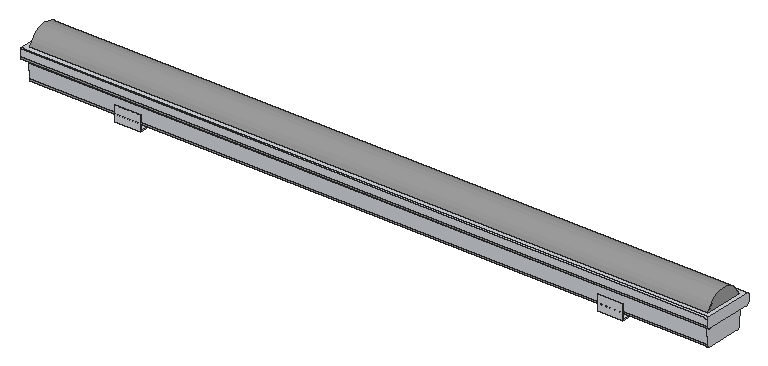
Revit family "0010281", category Lighting Fixtures, host Face, Revit 2017
Family settings
  Host = Face
  Round Connector Dimension = Use Diameter
  Part Type = Normal
  OmniClass Number = 23.80.70.00
  OmniClass Title = Lighting
  Cut with Voids When Loaded = No
  Light Source = Yes
  Shared = No
  Room Calculation Point = No
Parameters (values of type "0010281 RESISTO 1200 HE IP66 DALI 4800LM 840 EM")
  Weight = "kg"
  Wattage Comments = ""
  Wattage = 35 W
  WarrantyStartDate [instance] = "n/a"
  WarrantyGuarantorParts = "n/a"
  WarrantyDurationUnit = "n/a"
  WarrantyDurationParts = "n/a"
  WarrantyDescription = "n/a"
  WIDTH_SYL = 44.5 mm
  built-in parameter 1150110 = 1 (stored number, unit not read)
  Voltage = 0 V
  URL = "http://www.sylvania-lighting.com"
  TypeName = "Resisto 1200 HE IP66 DALI 4800LM 840 EM"
  Type Image = <None>
  Type Comments = "n/a"
  built-in parameter 1114217 = 1 (stored number, unit not read)
  Tilt Angle = -90.00°
  built-in parameter 1150109 = 1 (stored number, unit not read)
  built-in parameter 1150134 = 12
  TOP_WIDTH_SYL = 33.5 mm
  built-in parameter 1150113 = 1 (stored number, unit not read)
  SerialNumber [instance] = "n/a"
  Photometric Web File = "0010281.ies"
  Material_3_SYL = none
  PowerFactor = 0.98
  PowerConsumption = "35 W"
  NominalLength = 1200 mm
  NominalHeight = 80 mm
  NominalDepth = 87 mm
  Name = "Resisto 1200 HE IP66 DALI 4800LM 840 EM"
  ModelReference = Name  # "Resisto 1200 HE IP66 DALI 4800LM 840 EM"
  ModelNumber = "0010281"
  Model = Name  # "Resisto 1200 HE IP66 DALI 4800LM 840 EM"
  Material = "pc polycarbonate housing, pc polycarbonate diffuser"
  ManufacturerName = "Feilo Sylvania"
  Manufacturer = "Feilo Sylvania"
  MID_WIDTH_SYL = 36 mm
  LuminousEfficacy = "137 lm/W"
  built-in parameter 1150105 = 1583.6 (stored number, unit not read)
  Lumens = 4795 lm
  LuminaireType = ""
  built-in parameter 1150115 = 1 (stored number, unit not read)
  LightOutputRatio = "n/a"
  built-in parameter 1150137 = (empty or 0)
  built-in parameter 1150139 = (empty or 0)
  LampsType = Lamp  # "LED"
  LampNominalLuminous = "4800 lm"
  LampMacAdamStep = "3"
  LampColourTemperature = "4000 K"
  LampColourRenderingIndex = "80"
  built-in parameter 1150112 = 1 (stored number, unit not read)
  built-in parameter 1150114 = 1 (stored number, unit not read)
  Lamp = "LED"
  LENGHT_SYL = if(L1500_SYL, 742 mm, if(L1200_SYL, 592 mm, 317 mm))  # 592 mm
  LENGHT_CHAMFER_SYL = if(L1500_SYL, 750 mm, if(L1200_SYL, 600 mm, 325 mm))  # 600 mm
  LENGHT_650_SYL = 325 mm
  LENGHT-_SYL = if(L1500_SYL, -742 mm, if(L1200_SYL, -592 mm, -317 mm))  # -592 mm
  LENGHT-_CHAMFER_SYL = if(L1500_SYL, -750 mm, if(L1200_SYL, -600 mm, -325 mm))  # -600 mm
  LEGHT_650-_SYL = -325 mm
  LEGHT_1500_SYL = 750 mm
  LEGHT_1500-_SYL = -750 mm
  LEGHT_1200_SYL = 600 mm
  LEGHT_1200-_SYL = -600 mm
  L0650_SYL = no
  L1500_SYL = no
  L1200_SYL = yes
  Keynote = "16500"
  InstallationDate [instance] = "n/a"
  InputVoltage = "n/a"
  InputNominalFrequency = "n/a"
  built-in parameter 1150132 = (empty or 0)
  built-in parameter 1150102 = (empty or 0)
  built-in parameter 1150107 = 4000 (stored number, unit not read)
  built-in parameter 1150138 = (empty or 0)
  IngressProtection = "IP66"
  ImpactProtectionIndex = "IK08"
  built-in parameter 1150106 = 15.836 (stored number, unit not read)
  IfcExportType = "IfcLightFixtureType"
  IfcExportAs = "IfcLightFixtureType"
  Emit from Circle Diameter = 609.6 mm
  Emit Shape Visible in Rendering = no
  ElectricShockClassification = "Class I"
  built-in parameter 1150104 = 12.728 (stored number, unit not read)
  DocumentationLiterature = "http://www.sylvania-lighting.com/product/en-int/products/0010281"
  DimmingControlOptions = "n/a"
  Material_2_SYL = none
  Dimming Lamp Color Temperature Shift = <None>
  Description = "Resisto, integrated LED weatherproof luminaire, with UV stabilized flat diffuser designed to achieve uniform lit appearance, optimise light output and to reduce glare. 301 stainless steel diffuser clips and fixing brackets for surface mounting. Polycarbonate housing and diffuser - no yellow discolouration over time. 4800lm; 35W; 137lm/W; 4000K; SDCM<3; DALI dimmable; CRI80; IP66; IK08; Class I; 69,000hrs (L80B20) lifespan; 1200mm x 89mm x 88mm; D-mark; 3-hour maintained emergency batteries."
  Default Elevation = 1219.2 mm
  DIF_WIDHT_SYL = 35 mm
  DIF_HEIGHT_SYL = 24 mm
  CreatedOn = "6/10/2021"
  CreatedBy = "@sylvania-lighting.com"
  Cost = 0
  Color Filter = 16777215
  built-in parameter 1114216 [instance] = (empty or 0)
  ClassificationValue = "EF_70_80"
  ClassificationName = "Uniclass2015"
  Material_1_SYL = Default
  CHAMFER_SYL = 19 mm
  BarCode [instance] = "n/a"
  built-in parameter 1114218 = 1 (stored number, unit not read)
  BRACKET_WIDTH_SYL = BRACKET_DIST_SYL - 44 mm  # 400 mm
  BRACKET_HEIGHT_SYL = 9 mm
  BRACKET_DIST_SYL = LENGHT_CHAMFER_SYL - 156 mm  # 444 mm
  BODY_SYL = 36 mm
  built-in parameter 1150133 = 10 (stored number, unit not read)
  AssetType = "Fixed"
  AssetIdentifier [instance] = "n/a"
  Assembly Code = "D5020200"
  Apparent Load = 35 VA
  Material_4_SYL = none
Types (4, lengths in mm): name | Wattage | TypeName | Photometric Web File | PowerFactor | PowerConsumption | NominalLength | Name | ModelReference | ModelNumber | Model | LuminousEfficacy | built-in parameter 1150105 | Lumens | LampNominalLuminous | LENGHT_SYL | LENGHT_CHAMFER_SYL | LENGHT-_SYL | LENGHT-_CHAMFER_SYL | L1500_SYL | L1200_SYL | built-in parameter 1150106 | built-in parameter 1150104 | DocumentationLiterature | Description | BRACKET_WIDTH_SYL | BRACKET_DIST_SYL | Apparent Load
  0010283 RESISTO 1500 HE IP66 DALI 7100LM 840 EM | 50 W | "Resisto 1500 HE IP66 DALI 7100LM 840 EM" | "0010283.ies" | 0.98 | "50 W" | 1500 | "Resisto 1500 HE IP66 DALI 7100LM 840 EM" | "Resisto 1500 HE IP66 DALI 7100LM 840 EM" | "0010283" | "Resisto 1500 HE IP66 DALI 7100LM 840 EM" | "142 lm/W" | 2367.5 (stored number, unit not read) | 7100 lm | "7100 lm" | 742 | 750 | -742 | -750 | yes | no | 23.675 (stored number, unit not read) | 13.192 (stored number, unit not read) | "http://www.sylvania-lighting.com/product/en-int/products/0010283" | "Resisto, integrated LED weatherproof luminaire, with UV stabilized flat diffuser designed to achieve uniform lit appearance, optimise light output and to reduce glare. 301 stainless steel diffuser clips and fixing brackets for surface mounting. Polycarbonate housing and diffuser - no yellow discolouration over time. 7100lm; 50W; 142lm/W; 4000K; SDCM<3; DALI dimmable; CRI80; IP66; IK08; Class I; 69,000hrs (L80B20) lifespan; 1500mm x 89mm x 88mm; D-mark; 3-hour maintained emergency batteries." | 550 | 594 | 50 VA
  0010282 RESISTO 1500 HE IP66 DALI 4000LM 840 EM | 29 W | "Resisto 1500 HE IP66 DALI 4000LM 840 EM" | "0010282.ies" | 0.98 | "29 W" | 1500 | "Resisto 1500 HE IP66 DALI 4000LM 840 EM" | "Resisto 1500 HE IP66 DALI 4000LM 840 EM" | "0010282" | "Resisto 1500 HE IP66 DALI 4000LM 840 EM" | "138 lm/W" | 1287 (stored number, unit not read) | 4002 lm | "4000 lm" | 742 | 750 | -742 | -750 | yes | no | 12.87 (stored number, unit not read) | 12.821 (stored number, unit not read) | "http://www.sylvania-lighting.com/product/en-int/products/0010282" | "Resisto, integrated LED weatherproof luminaire, with UV stabilized flat diffuser designed to achieve uniform lit appearance, optimise light output and to reduce glare. 301 stainless steel diffuser clips and fixing brackets for surface mounting. Polycarbonate housing and diffuser - no yellow discolouration over time. 4000lm; 29W; 138lm/W; 4000K; SDCM<3; DALI dimmable; CRI80; IP66; IK08; Class I; 69,000hrs (L80B20) lifespan; 1500mm x 89mm x 88mm; D-mark; 3-hour maintained emergency batteries." | 550 | 594 | 29 VA
  0010281 RESISTO 1200 HE IP66 DALI 4800LM 840 EM | 35 W | "Resisto 1200 HE IP66 DALI 4800LM 840 EM" | "0010281.ies" | 0.98 | "35 W" | 1200 | "Resisto 1200 HE IP66 DALI 4800LM 840 EM" | "Resisto 1200 HE IP66 DALI 4800LM 840 EM" | "0010281" | "Resisto 1200 HE IP66 DALI 4800LM 840 EM" | "137 lm/W" | 1583.6 (stored number, unit not read) | 4795 lm | "4800 lm" | 592 | 600 | -592 | -600 | no | yes | 15.836 (stored number, unit not read) | 12.728 (stored number, unit not read) | "http://www.sylvania-lighting.com/product/en-int/products/0010281" | "Resisto, integrated LED weatherproof luminaire, with UV stabilized flat diffuser designed to achieve uniform lit appearance, optimise light output and to reduce glare. 301 stainless steel diffuser clips and fixing brackets for surface mounting. Polycarbonate housing and diffuser - no yellow discolouration over time. 4800lm; 35W; 137lm/W; 4000K; SDCM<3; DALI dimmable; CRI80; IP66; IK08; Class I; 69,000hrs (L80B20) lifespan; 1200mm x 89mm x 88mm; D-mark; 3-hour maintained emergency batteries." | 400 | 444 | 35 VA
  0010280 RESISTO 1200 HE IP66 DALI 2800LM 840 EM | 22 W | "Resisto 1200 HE IP66 DALI 2800LM 840 EM" | "0010280.ies" | 1 | "22 W" | 1200 | "Resisto 1200 HE IP66 DALI 2800LM 840 EM" | "Resisto 1200 HE IP66 DALI 2800LM 840 EM" | "0010280" | "Resisto 1200 HE IP66 DALI 2800LM 840 EM" | "127 lm/W" | 918.28 (stored number, unit not read) | 2794 lm | "2800 lm" | 592 | 600 | -592 | -600 | no | yes | 9.1828 (stored number, unit not read) | 11.799 (stored number, unit not read) | "http://www.sylvania-lighting.com/product/en-int/products/0010280" | "Resisto, integrated LED weatherproof luminaire, with UV stabilized flat diffuser designed to achieve uniform lit appearance, optimise light output and to reduce glare. 301 stainless steel diffuser clips and fixing brackets for surface mounting. Polycarbonate housing and diffuser - no yellow discolouration over time. 2800lm; 22W; 127lm/W; 4000K; SDCM<3; DALI dimmable; CRI80; IP66; IK08; Class I; 69,000hrs (L80B20) lifespan; 1200mm x 89mm x 88mm; D-mark; 3-hour maintained emergency batteries." | 400 | 444 | 22 VA
Reference planes
  plane 1 "Center (Front/Back)": y = 0
  plane 2: z = 0
  plane 3 "Center (Left/Right)": x = 0
  plane 4: z = 9
  plane 5: z = 45
  plane 6: z = 64
  plane 7: z = 88
  plane 8: y = -44.5
  plane 9: y = 44.5
  plane 10: y = -35
  plane 11: y = 35
  plane 12: y = 33.5
  plane 13: y = -33.5
  plane 14: y = -36
  plane 15: y = 36
  plane 16: z = 1
Forms (mm)
  Extrusion 1, solid
    sketch origin (319, 1524, 1219.2) x (0, 1, 0) y (0, 0, 1)
      loop
        line (-1552.835, -1210.2) -> (-1495.165, -1210.2)
        arc (-1495.165, -1210.2) -> (-1491.754, -1208.856) -> (-1490.177, -1205.546) r 5
        line (-1490.177, -1205.546) -> (-1488.323, -1178.854) -> (-1488, -1174.2) -> (-1560, -1174.2) -> (-1559.677, -1178.854) -> (-1557.823, -1205.546)
        arc (-1557.823, -1205.546) -> (-1556.246, -1208.856) -> (-1552.835, -1210.2) r 5
    from -592 <- "LENGHT-_SYL" to 592 <- "LENGHT_SYL"
  Extrusion 2, solid, material "Default" <- "Material_1_SYL"
    sketch origin (319, 1524, 1219.2) x (0, 1, 0) y (0, 0, 1)
      loop
        arc (-1490.5, -1155.2) -> (-1524, -1131.2) -> (-1557.5, -1155.2) r 35.38
        line (-1557.5, -1155.2) -> (-1490.5, -1155.2)
    from -592 <- "LENGHT-_SYL" to 592 <- "LENGHT_SYL"
  Extrusion 3, solid
    sketch origin (319, 1524, 1219.2) x (0, 1, 0) y (0, 0, 1)
      loop
        line (-1481.5, -1155.2) -> (-1566.5, -1155.2)
        arc (-1566.5, -1155.2) -> (-1567.914, -1155.786) -> (-1568.5, -1157.2) r 2
        line (-1568.5, -1157.2) -> (-1568.5, -1169.2)
        arc (-1568.5, -1169.2) -> (-1567.036, -1172.736) -> (-1563.5, -1174.2) r 5
        line (-1563.5, -1174.2) -> (-1484.5, -1174.2)
        arc (-1484.5, -1174.2) -> (-1480.964, -1172.736) -> (-1479.5, -1169.2) r 5
        line (-1479.5, -1169.2) -> (-1479.5, -1157.2)
        arc (-1479.5, -1157.2) -> (-1480.086, -1155.786) -> (-1481.5, -1155.2) r 2
    from -600 <- "LENGHT-_CHAMFER_SYL" to 600 <- "LENGHT_CHAMFER_SYL"
  Extrusion 4, solid
    sketch origin (319, 1524, 1219.2) x (0, 1, 0) y (0, 0, 1)
      loop
        line (-1489, -1219.2) -> (-1489, -1192.216) -> (-1490.5, -1192.216) -> (-1490.5, -1218.2) -> (-1557.5, -1218.2) -> (-1557.5, -1192.172) -> (-1559, -1192.172) -> (-1559, -1219.2) -> (-1489, -1219.2)
    from 400 <- "BRACKET_WIDTH_SYL" to 444 <- "BRACKET_DIST_SYL"
  Extrusion 5, solid
    sketch origin (321, 1524, 1219.2) x (0, 1, 0) y (0, 0, -1)
      loop
        line (-1489, 1219.2) -> (-1559, 1219.2) -> (-1559, 1192.172) -> (-1557.5, 1192.172) -> (-1557.5, 1218.2) -> (-1490.5, 1218.2) -> (-1490.5, 1192.216) -> (-1489, 1192.216) -> (-1489, 1219.2)
    from 400 <- "BRACKET_WIDTH_SYL" to 444 <- "BRACKET_DIST_SYL"
Dimensions and locks
  "BRACKET_HEIGHT_SYL": plane 4 to host face
  "BODY_SYL": plane 4 to plane 5
  "CHAMFER_SYL": plane 5 to plane 6
  "DIF_HEIGHT_SYL": plane 6 to plane 7
  "WIDTH_SYL": plane 9 to plane 1 "Center (Front/Back)" to plane 8
  "DIF_WIDHT_SYL": plane 11 to plane 1 "Center (Front/Back)" to plane 10
  "TOP_WIDTH_SYL": plane 12 to plane 1 "Center (Front/Back)" to plane 13
  "MID_WIDTH_SYL": plane 15 to plane 1 "Center (Front/Back)" to plane 14
  aligned and locked: plane 2 to host face
  aligned and locked: level to host face
  aligned and locked: Extrusion 3 sketch curve to plane 6
  aligned and locked: Extrusion 3 sketch curve to plane 9
  aligned and locked: plane 5 to Extrusion 3 sketch curve
  aligned and locked: plane 8 to Extrusion 3 sketch curve
Automatic sketch dimensions
  host sketch curve to host sketch curve = 2438.4 mm  (x2)
  plane 5 to Extrusion 1 sketch curve = 0 mm
  Extrusion 1 sketch curve to plane 14 = 0 mm
  plane 4 to Extrusion 1 sketch curve = 0 mm
  Extrusion 1 sketch curve to plane 15 = 0 mm
  Extrusion 1 sketch curve to plane 14 = 0.323 mm
  plane 13 to Extrusion 1 sketch curve = 0.323 mm
  Extrusion 1 sketch curve to plane 13 = 4.665 mm
  plane 12 to Extrusion 1 sketch curve = 4.665 mm
  Extrusion 1 sketch curve to plane 12 = 0.323 mm
  plane 15 to Extrusion 1 sketch curve = 0.323 mm
  Extrusion 1 sketch curve to plane 4 = 4.654 mm  (x2)
  plane 5 to Extrusion 1 sketch curve = 4.654 mm  (x2)
  plane 6 to Extrusion 2 sketch curve = 0 mm
  Extrusion 2 sketch curve to plane 13 = 0 mm
  Extrusion 2 sketch curve to plane 1 "Center (Front/Back)" = 0 mm
  Extrusion 2 sketch curve to plane 5 = 7.62 mm
  Extrusion 3 sketch curve to plane 8 = 2 mm
  plane 14 to Extrusion 3 sketch curve = 3.5 mm
  Extrusion 3 sketch curve to plane 15 = 3.5 mm
  plane 6 to Extrusion 3 sketch curve = 2 mm
  Extrusion 4 sketch curve to level = 0 mm
  Extrusion 4 sketch curve to plane 10 = 0 mm
  Extrusion 4 sketch curve to plane 13 = 0 mm
  Extrusion 4 sketch curve to plane 12 = 0 mm
  Extrusion 4 sketch curve to plane 11 = 0 mm
  plane 16 to Extrusion 4 sketch curve = 0 mm
  Extrusion 4 sketch curve to plane 4 = 17.984 mm
  plane 5 to Extrusion 4 sketch curve = 17.972 mm
  Extrusion 5 sketch curve to level = 0 mm
  Extrusion 5 sketch curve to plane 10 = 0 mm
  Extrusion 5 sketch curve to plane 13 = 0 mm
  Extrusion 5 sketch curve to plane 12 = 0 mm
  Extrusion 5 sketch curve to plane 11 = 0 mm
  plane 16 to Extrusion 5 sketch curve = 0 mm
  Extrusion 5 sketch curve to plane 4 = 17.984 mm
  plane 5 to Extrusion 5 sketch curve = 17.972 mm
Connectors
  electrical at (-273, 0, 27)
    settings: on Extrusion 1, index 1, voltage 0 V, apparent load 0 VA, apparent load phase1 0 VA, apparent load phase2 0 VA, apparent load phase3 0 VA, power factor 1, load classification "Other", number of poles 1, system type 31, power factor state 1, is connector primary yes, connector utility no, sub classification motor no, connector description ""
